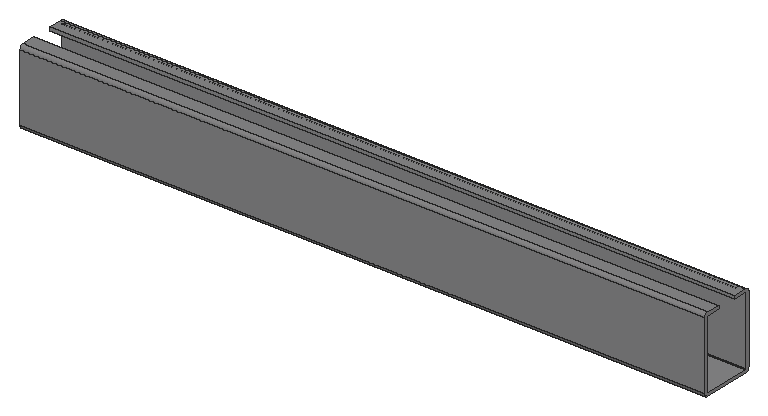
Revit family "HeartFelt-Linear-Linear 40HL55_HunterDouglasEurope.LOG200", category Specialty Equipment, Revit 2016
Family settings
  Part Type = Normal
  Round Connector Dimension = Use Diameter
  OmniClass Number = 23.35.70.24.11.17.14
  OmniClass Title = Linear Ceilings
  Work Plane-Based = Yes
  Always vertical = No
  Cut with Voids When Loaded = No
  Shared = No
  Room Calculation Point = No
Parameters (values of type "7598 Dark Grey")
  Width = 40.0 mm
  VOC class A+ Declaration = "http://assets2.hunterdouglascontract.com/documents/ceiling/certificates/VOC-class-A-declaration.pdf"
  URL = "http://www.hunterdouglasarchitectural.eu/en-GB/ceilings/textile/heartfelt/index.jsp"
  Thickness = 2.2 mm
  Technical Specification = "http://assets2.hunterdouglascontract.com/documents/ceiling/Technical%20Specifications/_default/Specification-Heartfelt.doc"
  SundaHus Miljödata = "http://assets2.hunterdouglascontract.com/documents/ceiling/certificates/SundaHus-Miljodata-Certificate-Class-A.pdf"
  Substrate = "Non-woven thermo-formable PES fibres"  # constant formula
  Subcategory = "HeartFelt® Ceilings"  # constant formula
  Sound Absorption Performance = "http://assets2.hunterdouglascontract.com/documents/ceiling/Technical%20Specifications/_default/Technical-Specification-Sound-absorption-performance-ceilings.pdf"
  REACH Declaration = "http://assets2.hunterdouglascontract.com/documents/ceiling/certificates/REACH-Confirmation-PES-FR_PES-BIFR-600-lightgrey.pdf"
  Product Line = "HeartFelt® Linear"  # constant formula
  Product Data = "http://assets2.hunterdouglascontract.com/documents/ceiling/Brochures/United%20Kingdom/Brochure-Heartfelt-en-UK.pdf"
  Oeko-Tex Standard 100 = "http://assets2.hunterdouglascontract.com/documents/ceiling/certificates/Oeko-Tex-HeartFelt.pdf"
  Model = "HeartFelt Linear 40HL55"  # constant formula
  Material Safety Data Sheet = "http://assets2.hunterdouglascontract.com/documents/ceiling/Technical%20Specifications/_default/Material-Safety-Data-Sheet-HeartFelt.pdf"
  Material = HeartFelt-7598-Dark Grey_HunterDouglasEurope
  Manufacturer = "Hunter Douglas"  # constant formula
  Maintenance Instructions = "http://assets2.hunterdouglascontract.com/documents/ceiling/Brochures/_default/Cleaning-and-Maintenance-HeartFelt.pdf"
  Length [instance] = Panel_actual length  # 500.0 mm
  LEED V4 Credits_MR = "Building Product Disclosure"  # constant formula
  LEED V4 Credits_EQ = "Low-Emitting Materials, Indoor Air Quality Assessment, Acoustic Performance"  # constant formula
  Panel_length (min500-max6000) [instance] = 500.0 mm
  Panel_actual length [instance] = if([Panel_length (min500-max6000)] < 500.0 mm, 500.0 mm, (if([Panel_length (min500-max6000)] > 6000.0 mm, 6000.0 mm, [Panel_length (min500-max6000)])))  # 500.0 mm
  Instructions for Disassembly = "http://assets2.hunterdouglascontract.com/documents/ceiling/Installation%20Manuals/_default/Instructions-for-disassembly-or-component-extraction-of-HeartFelt-Linear-Felt-Ceilings.pdf"
  Instalation Instructions = "http://assets2.hunterdouglascontract.com/documents/ceiling/Installation%20Manuals/_default/Installation-Instructions-HeartFelt-EN.pdf"
  Indoor Air Comfort Gold/ VOC Emission = "http://assets2.hunterdouglascontract.com/documents/ceiling/certificates/Indoor-Air-Gold-VOC-emission.pdf"
  Height = 55.0 mm
  Health and Hygiene Properties = "http://assets2.hunterdouglascontract.com/documents/ceiling/Technical%20Specifications/_default/Health-and-Hygiene-properties-HeartFelt.pdf"
  GreenGuard Gold Certificate #420 = "http://assets2.hunterdouglascontract.com/documents/ceiling/certificates/GreenGuard-Gold-HeartFelt.pdf"
  GreenGuard Gold Certificate #410 = "http://assets2.hunterdouglascontract.com/documents/ceiling/certificates/GreenGuard-Gold-certificate-410.pdf"
  EN13501-1_Fire rating = "Class B,s1,d0"  # constant formula
  EN 410_Light reflectance_VIS = "8.5%"
  EN 410_Light reflectance_SOLAR = "8.9%"
  EN 13964_Exposure Class = "A, B"  # constant formula
  Default Elevation = 1219.2 mm
  Declaration of Performance = "http://dop.hde.nl/"
  Cradle-to-Cradle Material Health Certificate = "http://assets2.hunterdouglascontract.com/documents/ceiling/certificates/C2C-Material-Health-certificate.pdf"
  Cradle-to-Cradle Bronze Certificate = "http://assets2.hunterdouglascontract.com/documents/ceiling/certificates/heartfelt-cradle-to-cradle.pdf"
  Colour Code = "7598"
  Ceiling System Data = "http://assets2.hunterdouglascontract.com/documents/ceiling/Technical%20Specifications/_default/HeartFelt-Ceiling-Specification-2018.pdf"
  BREEAM NL Credits = "http://assets2.hunterdouglascontract.com/documents/ceiling/Technical%20Specifications/_default/Maximale-bijdrage-met-HeartFelt-plafondsystemen.pdf"
  Article Code = "38.1201"  # constant formula
Types (10, lengths in mm): name | Material | EN 410_Light reflectance_VIS | EN 410_Light reflectance_SOLAR | Colour Code
  7575 Creme | HeartFelt-7575-Creme_HunterDouglasEurope | "39.4%" | "46.7%" | "7575"
  7576 Light Brown | HeartFelt-7576-Light Brown_HunterDouglasEurope | "28.3%" | "33.8%" | "7576"
  7577 Medium Brown | HeartFelt-7577-Medium Brown_HunterDouglasEurope | "17.5%" | "24.1%" | "7577"
  7578 Dark Brown | HeartFelt-7578-Dark Brown_HunterDouglasEurope | "13.3%" | "20.6%" | "7578"
  7579 Umber | HeartFelt-7579-Umber_HunterDouglasEurope | "9.5%" | "15.7%" | "7579"
  7593 White | HeartFelt-7593-White_HunterDouglasEurope | "60.7%" | "59.7%" | "7593"
  7594 Black | HeartFelt-7594-Black_HunterDouglasEurope | "3.5%" | "3.6%" | "7594"
  7596 Light Grey | HeartFelt-7596-Light Grey_HunterDouglasEurope | "31.8%" | "32.2%" | "7596"
  7597 Middle Grey | HeartFelt-7597-Middle Grey_HunterDouglasEurope | "20.6%" | "20.3%" | "7597"
  7598 Dark Grey | HeartFelt-7598-Dark Grey_HunterDouglasEurope | "8.5%" | "8.9%" | "7598"
Reference planes
  plane 1 "Center (Front/Back)": y = 0
  plane 2: z = 0
  plane 3 "Center (Left/Right)": x = 0
  plane 4 "Panel End": x = 500
  plane 5 "Panel Top": z = 55
  plane 6 "Panel Bottom": z = 0
  plane 7 "Panel Front": y = -20
  plane 8 "Panel Back": y = 20
Forms (mm)
  Sweep 1, solid, material "HeartFelt-7598-Dark Grey_HunterDouglasEurope" <- "Material"
    path origin (0, 0, 0) x (1, 0, 0) y (0, 1, 0)
      loop
        line (0, 0) -> (500, 0)
    profile origin (250, 0, 0) x (0, 1, 0) y (0, 0, 1)
      loop
        arc (17.8, 2.7) -> (17.654, 2.346) -> (17.3, 2.2) r 0.5
        line (17.3, 2.2) -> (-17.3, 2.2)
        arc (-17.3, 2.2) -> (-17.654, 2.346) -> (-17.8, 2.7) r 0.5
        line (-17.8, 2.7) -> (-17.8, 52.3)
        arc (-17.8, 52.3) -> (-17.654, 52.654) -> (-17.3, 52.8) r 0.5
        line (-17.3, 52.8) -> (-7.3, 52.8) -> (-7.3, 55) -> (-17.3, 55)
        arc (-17.3, 55) -> (-19.209, 54.209) -> (-20, 52.3) r 2.7
        line (-20, 52.3) -> (-20, 2.7)
        arc (-20, 2.7) -> (-19.209, 0.791) -> (-17.3, 0) r 2.7
        line (-17.3, 0) -> (17.3, 0)
        arc (17.3, 0) -> (19.209, 0.791) -> (20, 2.7) r 2.7
        line (20, 2.7) -> (20, 52.3)
        arc (20, 52.3) -> (19.209, 54.209) -> (17.3, 55) r 2.7
        line (17.3, 55) -> (7.3, 55) -> (7.3, 52.8) -> (17.3, 52.8)
        arc (17.3, 52.8) -> (17.654, 52.654) -> (17.8, 52.3) r 0.5
        line (17.8, 52.3) -> (17.8, 2.7)
Dimensions and locks
  "Panel_length (min500-max6000)": plane 3 "Center (Left/Right)" to plane 4 "Panel End"
  "Width": plane 8 "Panel Back" to plane 7 "Panel Front"
  "Height": plane 5 "Panel Top" to plane 6 "Panel Bottom"
  "Panel_actual length": Sweep 1 sketch curve to Sweep 1 sketch curve
  aligned and locked: level to plane 2
  aligned and locked: plane 3 "Center (Left/Right)" to Sweep 1 sketch curve
Automatic sketch dimensions
  plane 1 "Center (Front/Back)" to Sweep 1 sketch curve = 0.0 mm
  Sweep 1 sketch curve to Sweep 1 sketch curve = 0.0 mm  (x8)
  Sweep 1 sketch curve to level = 0.0 mm
  level to Sweep 1 sketch curve = 2.7 mm  (x2)
  profile plane to Sweep 1 sketch curve = 20.0 mm
  Sweep 1 sketch curve to Sweep 1 sketch curve = 0.5 mm  (x2)
  profile plane to Sweep 1 sketch curve = 7.3 mm
  Sweep 1 sketch curve to profile plane = 7.3 mm
  Sweep 1 sketch curve to Sweep 1 sketch curve = 10.0 mm
  Sweep 1 sketch curve to profile plane = 17.3 mm
  Sweep 1 sketch curve to Sweep 1 sketch curve = 49.6 mm
  Sweep 1 sketch curve to Sweep 1 sketch curve = 2.2 mm
